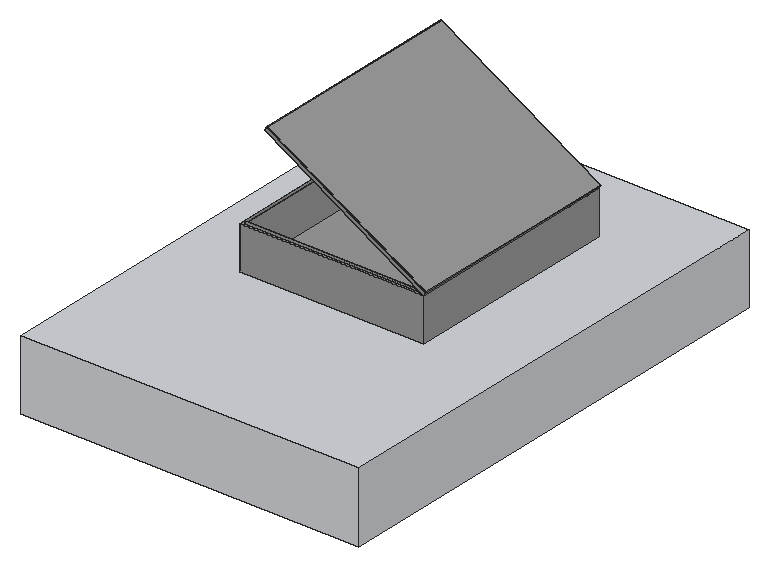
Revit family "Hager-Univers-IP54-D205-H950-Cl.II-Encl-PT-pt", category Equipement électrique, Revit 2020
Family settings
  Hôte = Face
  Configuration du panneau = Deux colonnes, circuits au sein
  Cote de connecteur circulaire = Utiliser le diamètre
  Type d'élément = Tableau de raccordement
  Couper avec des vides une fois chargée = Non
  Partagée = Non
  Point de calcul de pièce = Non
Parameters (values of type "Montagem em superfície (gesso) IP54 L800 A950 P205  - FP63SW2")
  Width Control [instance] = if([EF000008 - Largura] > Min Width, [EF000008 - Largura], Min Width)  # 800 mm
  Commentaires du type = [HG000003 - Gama]  # "Univers"
  Thickness Door [instance] = if([EF009171 - Espessura do material da porta/tampa] > 3 mm, 3 mm, [EF009171 - Espessura do material da porta/tampa])  # 1 mm
  Seal Frame Offset [instance] = 17 mm  # constant formula
  Plinth Visibility [instance] = [HG000027 - Altura da Plinta] > 0 mm  # no
  Model = ""
  Min Width [instance] = 100 mm  # constant formula
  Min Height [instance] = 100 mm  # constant formula
  Min Depth [instance] = (2 * [EF009170 - Espessura do material do invólucro]) + 1 mm  # 3 mm
  Internal Frame Depth [instance] = (Door System Depth * 0.5)  # 9 mm
  Height Control [instance] = if([EF000040 - Altura] > Min Height, [EF000040 - Altura], Min Height)  # 950 mm
  HG000027 - Altura da Plinta = 0 mm
  HG000026 - Instalação no chão = no
  HG000024 - Altura da secção inferior = 800 mm
  HG000023 - Recinto de secção dupla = no
  HG000016 - Visibilidade da porta 3D [instance] = yes
  HG000015 - Visibilidade através da porta [instance] = no
  HG000014 - Porta à direita [instance] = yes
  HG000013 - Porta à esquerda [instance] = not([HG000014 - Porta à direita])  # no
  HG000012 - Ângulo de abertura de porta [instance] = 30.00°
  HG000010 - Portas assimétricas = no
  HG000009 - Porta dupla = no
  HG000006 - Encastrado = no
  HG000004 - Referência do Fabricante = "FP63SW2"
  HG000003 - Gama = "Univers"
  HG000002 - Com porta ou tampa = yes
  Frame Offset Bottom [instance] = 10 mm  # constant formula
  Frame Offset [instance] = 15 mm  # constant formula
  EF015940 - Tampa com libertação de sobrepressão = no
  EF011959 - Grau de proteção (NEMA) = ""
  EF009554 - Número de aberturas para placas de flange = 6
  Fabricant = "Hager"  # constant formula
  EF009212 - Tipo de tampa = "EV000116 - Fechado"
  EF009171 - Espessura do material da porta/tampa = 1 mm
  EF009170 - Espessura do material do invólucro = 1 mm
  EF008873 - Corrente nominal (In) = 250 A
  EF007800 - Adequado para proteção contra raios = no
  EF006306 - Com fecho = no
  EF006244 - Tampa/porta transparente = no
  EF005474 - Grau de proteção (IP) = "EV006419 - IP54"
  EF004464 - Tipo de porta = "EV002646 - Único"
  EF004427 - Número de módulos = 216
  EF004293 - Força de impacto = "EV006815 - IK09"
  EF003532 - Adequado para uso no exterior = no
  EF002950 - Largura em número de módulos = 36
  EF001613 - Integridade do circuito = "EV000494 - Nenhum"
  EF001596 - Material do corpo = "EV000179 - Aço"
  EF001131 - Profundidade interior = 130 mm
  EF001088 - Extensão possível = yes
  EF000437 - Número de entradas de condutores = 6
  EF000339 - Tipo de difusor = "EV004216 - Porta"
  EF000266 - Número de linhas = 6
  EF000218 - Profundidade incorporada = 205 mm
  EF000118 - Com tampa de montagem = no
  EF000116 - Número RAL = "9010"
  EF000049 - Profundidade = 205 mm
  EF000040 - Altura = 950 mm
  EF000008 - Largura = 800 mm
  EF000007 - Cor = "EV000202 - Branco"
  EF000003 - Método de montagem = "EV000384 - Montagem em superfície (gesso)"
  Door System Leaf Tolerance [instance] = 1.5 mm  # constant formula
  Door System Depth [instance] = 18 mm  # constant formula
  Door Height [instance] = Height Control - [HG000027 - Altura da Plinta]  # 950 mm
  Depth Control [instance] = if([EF000049 - Profundidade] > Min Depth, [EF000049 - Profundidade], Min Depth)  # 205 mm
  Default Elevation = 0 mm
  Connector Offset [instance] = Height Control / 2  # 475 mm
  Bottom Top Plate Trim [instance] = 1.5 mm  # constant formula
  Plinth height Ctrl [instance] = if([HG000027 - Altura da Plinta] > 0 mm, [HG000027 - Altura da Plinta], 12 mm)  # 12 mm
Types (5, lengths in mm): name | Width Control | HG000010 - Portas assimétricas | HG000009 - Porta dupla | HG000004 - Referência do Fabricante | EF009554 - Número de aberturas para placas de flange | EF004464 - Tipo de porta | EF004427 - Número de módulos | EF002950 - Largura em número de módulos | EF000437 - Número de entradas de condutores | EF000008 - Largura
  Montagem em superfície (gesso) IP54 L1050 A950 P205  - FP64SW2 | 1050 | no | yes | "FP64SW2" | 8 | "EV003602 - Duplo" | 288 | 48 | 8 | 1050
  Montagem em superfície (gesso) IP54 L1300 A950 P205  - FP65SW2 | 1300 | yes | yes | "FP65SW2" | 10 | "EV003602 - Duplo" | 360 | 60 | 10 | 1300
  Montagem em superfície (gesso) IP54 L300 A950 P205  - FP61SW2 | 300 | no | no | "FP61SW2" | 2 | "EV002646 - Único" | 72 | 12 | 2 | 300
  Montagem em superfície (gesso) IP54 L550 A950 P205  - FP62SW2 | 550 | no | no | "FP62SW2" | 4 | "EV002646 - Único" | 144 | 24 | 4 | 550
  Montagem em superfície (gesso) IP54 L800 A950 P205  - FP63SW2 | 800 | no | no | "FP63SW2" | 6 | "EV002646 - Único" | 216 | 36 | 6 | 800
Reference planes
  plane 1 "Center (Front/Back)": y = 0
  plane 2: z = 0
  plane 3 "Center (Left/Right)": x = 0
  plane 4: z = 205
  plane 5: y = 1
  plane 6: y = 475
  plane 7: y = 0
  plane 8: y = 950
  plane 9: z = 0
  plane 10: x = -385
  plane 11: x = 385
  plane 12: x = 384
  plane 13: x = -384
  plane 14: y = 949
  plane 15: x = -383
  plane 16: x = -400
  plane 17: x = 383
  plane 18: x = 400
  plane 19: x = 399
  plane 20: x = -399
  plane 21: y = 11
  plane 22: y = 950
  plane 23: y = 934
  plane 24: z = 187
  plane 25: z = 1
  plane 26: z = 186
  plane 27: z = 204
Forms (mm)
  Extrusion 1, solid
    sketch origin (0, 0, 0) x (1, 0, 0) y (0, 1, 0)
      loop
        line (-702.964, 1305) -> (-702.964, -811.445) -> (766.763, -811.445) -> (766.763, 1305) -> (-702.964, 1305)
    from 0 to -304.8
  Extrusion 2, solid, material "Hager_Steel_RAL7035_Light_Grey", visible <- "Plinth Visibility", detail levels medium+fine
    sketch origin (0, 0, 0) x (1, 0, 0) y (0, 1, 0)
      loop
        line (-400, 0) -> (400, 0) -> (400, 12) -> (-400, 12) -> (-400, 0)
    from 0 to 187
  Extrusion 3, solid, material "Hager_Steel_RAL7035_Light_Grey", detail levels medium+fine
    sketch origin (0, 0, 0) x (1, 0, 0) y (0, 1, 0)
      loop
        line (-400, 0) -> (400, 0) -> (400, 950) -> (-400, 950) -> (-400, 0)
    from 0 to 187
  Extrusion 4, void
    sketch origin (0, 0, 0) x (1, 0, 0) y (0, 1, 0)
      loop
        line (-399, 1) -> (399, 1) -> (399, 949) -> (-399, 949) -> (-399, 1)
    from 1 to 186
  Extrusion 5, void
    sketch origin (-381.607, -4572, 187) x (0, -1, 0) y (-1, 0, 0)
      loop
        line (-4583, 2.393) -> (-5506, 2.393) -> (-5506, -765.607) -> (-4583, -765.607) -> (-4583, 2.393)
    from 0 to 1 <- "EF009170 - Espessura do material do invólucro"
  Extrusion 6, solid, material "Hager_Steel_RAL7035_Light_Grey", detail levels fine
    sketch origin (0, 0, 187) x (1, 0, 0) y (0, 1, 0)
      loop
        line (-384, 934) -> (-384, 11) -> (384, 11) -> (384, 934) -> (-384, 934)
      loop
        line (-385, 10) -> (385, 10) -> (385, 935) -> (-385, 935) -> (-385, 10)
    from 0 to 9 <- "Internal Frame Depth"
  Extrusion 7, solid, material "Hager_Steel_RAL7035_Light_Grey", detail levels coarse
    sketch origin (0, 0, 0) x (1, 0, 0) y (0, 1, 0)
      loop
        line (-400, 0) -> (400, 0) -> (400, 950) -> (-400, 950) -> (-400, 0)
    from 0 to 205
  Sweep 8, void
    path in 3D
      loop
        line (-400, 12, 0) -> (400, 12, 0) -> (400, 12, 187) -> (-400, 12, 187) -> (-400, 12, 0)
    profile origin (-400, 12, 93.5) x (-1, 0, 0) y (0, -1, 0)
      loop
        line (0, 0) -> (0, 1.5) -> (-1.5, 1.5)
        arc (-1.5, 1.5) -> (-1.061, 0.439) -> (0, 0) r 1.5
Cuts and joins
  Extrusion 4, Extrusion 5 cuts Extrusion 3
  Sweep 8 cuts Extrusion 2
Lines and regions (mm)
  Masking region 1
    outline origin (0, 0, 0) x (1, 0, 0) y (0, 0, 1)
      loop
        line (-400, 205) -> (-400, 0) -> (400, 0) -> (400, 205) -> (-400, 205)
  Masking region 2, detail levels medium+fine
    outline origin (0, 140, 0) x (0, 1, 0) y (0, 0, 1)
      loop
        line (-140, 0) -> (810, 0) -> (810, 187) -> (-140, 187) -> (-140, 0)
  Masking region 3, not visible, detail levels medium+fine
    outline origin (0, 297.922, 0) x (0, 1, 0) y (0, 0, 1)
      loop
        line (188.578, 0) -> (228.578, 0) -> (228.578, 194)
        arc (228.578, 194) -> (225.649, 201.071) -> (218.578, 204) r 10
        line (218.578, 204) -> (188.578, 204) -> (188.578, 0)
  Masking region 4, detail levels coarse
    outline origin (0, 0, 180) x (0, 1, 0) y (0, 0, 1)
      loop
        line (0, -180) -> (950, -180) -> (950, 25) -> (0, 25) -> (0, -180)
  Masking region 5, visible <- "Plinth Visibility", detail levels medium+fine
    outline origin (0, 52.24, 12.345) x (0, 0, -1) y (0, 1, 0)
      loop
        line (10.845, -40.24) -> (-173.155, -40.24)
        arc (-173.155, -40.24) -> (-173.594, -41.301) -> (-174.655, -41.74) r 1.5
        line (-174.655, -41.74) -> (-174.655, -52.24) -> (12.345, -52.24) -> (12.345, -41.74)
        arc (12.345, -41.74) -> (11.285, -41.301) -> (10.845, -40.24) r 1.5
  Masking region 6, detail levels medium+fine
    outline origin (-381.607, -4572, 187) x (-1, 0, 0) y (0, -1, 0)
      loop
        line (18.393, -5522) -> (18.393, -4572) -> (-781.607, -4572) -> (-781.607, -5522) -> (18.393, -5522)
  Masking region 7, visible <- "Plinth Visibility", detail levels medium+fine
    outline origin (-381.607, -4727, 187) x (-1, 0, 0) y (0, -1, 0)
      loop
        arc (16.893, -4739) -> (17.332, -4737.939) -> (18.393, -4737.5) r 1.5
        line (18.393, -4737.5) -> (18.393, -4727) -> (-781.607, -4727) -> (-781.607, -4737.5)
        arc (-781.607, -4737.5) -> (-780.546, -4737.939) -> (-780.107, -4739) r 1.5
        line (-780.107, -4739) -> (16.893, -4739)
  Masking region 8, detail levels coarse
    outline origin (-442.548, -4669.526, 187) x (-1, 0, 0) y (0, -1, 0)
      loop
        line (-42.548, -5619.526) -> (-42.548, -4669.526) -> (-842.548, -4669.526) -> (-842.548, -5619.526) -> (-42.548, -5619.526)
  sketch lines
    curve 1: line (-400, 12, 187) -> (-400, 12, 0)
    curve 2: line (400, 12, 187) -> (-400, 12, 187)
    curve 3: line (400, 12, 187) -> (400, 12, 0)
    curve 4: line (-400, 12, 0) -> (400, 12, 0)
Dimensions and locks
  "Depth Control": plane 4 to Extrusion 1
  "HG000027 - Altura da Plinta": plane 1 "Center (Front/Back)" to plane 7
  "EF009170 - Espessura do material do invólucro": plane 5 to plane 7
  locked: connector elem to plane 3 "Center (Left/Right)"
  equal spacing: plane 8, plane 6, plane 7
  locked: connector elem to plane 6
  "EF009170 - Espessura do material do invólucro": plane 8 to plane 14
  "EF009170 - Espessura do material do invólucro": plane 10 to plane 13
  "EF009170 - Espessura do material do invólucro": plane 12 to plane 11
  "Frame Offset": plane 20 to plane 13
  "Frame Offset": plane 12 to plane 19
  "EF009170 - Espessura do material do invólucro": plane 16 to plane 20
  "EF009170 - Espessura do material do invólucro": plane 19 to plane 18
  "Seal Frame Offset": plane 16 to plane 15
  "Seal Frame Offset": plane 17 to plane 18
  "Frame Offset Bottom": plane 21 to plane 5
  "Frame Offset": plane 14 to plane 23
  equal spacing: plane 16, plane 3 "Center (Left/Right)", plane 18
  "Width Control": plane 16 to plane 18
  "EF009170 - Espessura do material do invólucro": plane 4 to plane 27
  "EF009170 - Espessura do material do invólucro": plane 24 to plane 26
  "EF009170 - Espessura do material do invólucro": plane 25 to level
  "Door System Depth": plane 4 to plane 24
  "Height Control": plane 1 "Center (Front/Back)" to Extrusion 7 sketch curve
  "Height Control": Masking region 4 sketch curve to plane 1 "Center (Front/Back)"
  "Height Control": plane 1 "Center (Front/Back)" to plane 22
  "Bottom Top Plate Trim": profile plane to Sweep 8 sketch curve
  "Bottom Top Plate Trim": Sweep 8 sketch curve to profile plane
  "Plinth height Ctrl": plane 1 "Center (Front/Back)" to Extrusion 2 sketch curve
  "Plinth height Ctrl": Masking region 5 sketch curve to plane 1 "Center (Front/Back)"
  "Plinth height Ctrl": plane 1 "Center (Front/Back)" to Masking region 7 sketch curve
  "Thickness Door": Extrusion 6 sketch curve to Extrusion 6 sketch curve  (x3)
  "Thickness Door": cut or joined group of Extrusion 3, Extrusion 4, Extrusion 5 to Extrusion 6 sketch curve
  radius of Masking region 3 sketch curve = 10 mm
  "Bottom Top Plate Trim": radius of Masking region 5 sketch curve  (x2)
  "Bottom Top Plate Trim": radius of Sweep 8 sketch curve
  "Bottom Top Plate Trim": radius of Masking region 7 sketch curve  (x2)
  aligned and locked: plane 2 to Extrusion 1
  aligned and locked: level to Extrusion 1
  aligned and locked: level to Masking region 1 sketch curve
  aligned and locked: Masking region 1 sketch curve to plane 18
  aligned and locked: Masking region 1 sketch curve to plane 16
  aligned and locked: plane 7 to Masking region 2 sketch curve
  aligned and locked: level to Masking region 3 sketch curve
  aligned and locked: Masking region 3 sketch curve to plane 27
  aligned and locked: level to Masking region 2 sketch curve
  aligned and locked: plane 1 "Center (Front/Back)" to Extrusion 2 sketch curve
  aligned and locked: Extrusion 3 sketch curve to plane 7
  aligned and locked: plane 16 to Extrusion 3 sketch curve
  aligned and locked: plane 18 to Extrusion 3 sketch curve
  aligned and locked: plane 20 to Extrusion 4 sketch curve
  aligned and locked: plane 19 to Extrusion 4 sketch curve
  aligned and locked: Extrusion 4 sketch curve to plane 5
  aligned and locked: Extrusion 4 to plane 25
  aligned and locked: plane 26 to Extrusion 4
  aligned and locked: plane 24 to Extrusion 3
  aligned and locked: Extrusion 5 sketch curve to plane 21
  aligned and locked: Extrusion 5 sketch curve to plane 13
  aligned and locked: Extrusion 5 sketch curve to plane 12
  aligned and locked: plane 18 to Extrusion 7 sketch curve
  aligned and locked: plane 1 "Center (Front/Back)" to Extrusion 7 sketch curve
  aligned and locked: plane 16 to Extrusion 7 sketch curve
  aligned and locked: plane 4 to Extrusion 7
  aligned and locked: Extrusion 7 to level
  aligned and locked: level to Masking region 4 sketch curve
  aligned and locked: Masking region 4 sketch curve to plane 1 "Center (Front/Back)"
  aligned and locked: Masking region 4 sketch curve to plane 4
  aligned and locked: nested 1 to level
  aligned and locked: nested 1 to plane 16
  aligned and locked: plane 8 to Extrusion 3 sketch curve
  aligned and locked: plane 23 to Extrusion 5 sketch curve
  aligned and locked: plane 14 to Extrusion 4 sketch curve
  aligned and locked: Masking region 2 sketch curve to plane 8
  aligned and locked: level to Masking region 5 sketch curve
  aligned and locked: plane 16 to Extrusion 2 sketch curve
  aligned and locked: plane 18 to Extrusion 2 sketch curve
  aligned and locked: Masking region 5 sketch curve to plane 24
  aligned and locked: Masking region 2 sketch curve to plane 24
  aligned and locked: plane 24 to Extrusion 2
  aligned and locked: profile plane to Sweep 8 sketch curve  (x2)
  aligned and locked: Masking region 6 sketch curve to plane 18
  aligned and locked: Masking region 6 sketch curve to plane 22
  aligned and locked: Masking region 6 sketch curve to plane 16
  aligned and locked: plane 8 to plane 22
  aligned and locked: Masking region 6 sketch curve to plane 7
  aligned and locked: Masking region 7 sketch curve to plane 16
  aligned and locked: Masking region 7 sketch curve to plane 1 "Center (Front/Back)"
  aligned and locked: Masking region 7 sketch curve to plane 18
  aligned and locked: Masking region 8 sketch curve to plane 1 "Center (Front/Back)"
  aligned and locked: Masking region 8 sketch curve to plane 18
  aligned and locked: Masking region 8 sketch curve to plane 22
  aligned and locked: Masking region 8 sketch curve to plane 16
  aligned and locked: nested 2 to plane 7
  aligned and locked: plane 3 "Center (Left/Right)" to nested 2
  aligned and locked: nested 2 to plane 24
  aligned and locked: Extrusion 6 sketch curve to cut or joined group of Extrusion 3, Extrusion 4, Extrusion 5  (x4)
Automatic sketch dimensions
  Extrusion 1 sketch curve to Extrusion 1 sketch curve = 1469.727 mm
  Extrusion 1 sketch curve to Extrusion 1 sketch curve = 2116.445 mm
  Masking region 1 sketch curve to plane 4 = 0 mm
  plane 6 to Masking region 3 sketch curve = 11.5 mm
  Masking region 3 sketch curve to Masking region 3 sketch curve = 30 mm
  Masking region 5 sketch curve to plane 1 "Center (Front/Back)" = 0 mm
Nested families
  nested 1: "Hager_Enclosure_Symbol" at (-400, 0, 0) x (1, 0, 0) z (0, -1, 0), Height <- "Depth Control", Width <- "Width Control", type "Hager_Enclosure_Symbol"
    with Width_Ctrl 800 mm, Width 800 mm, Height_Ctrl 205 mm, Height 205 mm, A_Width_Int 13.453 mm, A_Width 161.438 mm, A_Height_Ctrl 179.375 mm, A_Height 179.375 mm
  nested 2: "EC000058_Univers_Door" at (0, 0, 187) x (1, 0, 0) z (0, 1, 0), Leaf_Tolerance <- "Door System Leaf Tolerance", Angle <- "HG000012 - Ângulo de abertura de porta", Door_Depth <- "Door System Depth", Door_Left <- "HG000013 - Porta à esquerda", Transparent <- "EF006244 - Tampa/porta transparente", Assymetrical <- "HG000010 - Portas assimétricas", Width <- "Width Control", Clearance <- "HG000015 - Visibilidade através da porta", Double <- "HG000009 - Porta dupla", 3d_Door <- "HG000016 - Visibilidade da porta 3D", Lock_Visibility <- "EF006306 - Com fecho", Width_Ctrl <- "Width Control", Door_Right <- "HG000014 - Porta à direita", Door <- "HG000002 - Com porta ou tampa", Height <- "Door Height", Thickness <- "Thickness Door", type "EC000058_Univers_Door", detail levels medium+fine
    with min_wh 3 mm, Width_Ctrl 800 mm, Width 800 mm, Transparent no, Thickness 1 mm, Seal_Material Hager_Rubber, Lock_Visibility no, Lock_Material Hager_Plastic_RAL9005_Jet_Black, Leaf_Width 800 mm, Leaf_Tolerance_External_Sides 0 mm, Leaf_Tolerance 1.5 mm, Leaf_Offset 0 mm, Leaf_Height 947 mm, Leaf_2_Width 800 mm, Leaf_2_Offset 400 mm, Leaf_1_Width 800 mm, Leaf_1_Offset 400 mm, Height_Ctrl 950 mm, Height 950 mm, Glass_Material Hager_Glass, Double_Clearance_Ctrl no, Double no, Door_Right_Ctrl yes, Door_Right yes, Door_Material Hager_Steel_RAL7035_Light_Grey, Door_Left_Ctrl no, Door_Left no, Door_Depth 18 mm, Door yes, Clearance_Material Hager_Clearance, Clearance_Depth 800 mm, Clearance_Ctrl no, Clearance no, Assymetrical no, Angle 30.00°, 3d_Door yes
Connectors
  electrical at (0, 475, 0)
    settings: on plane 9, index 1, voltage 0 V, apparent load 0 VA, apparent load phase1 0 VA, apparent load phase2 0 VA, apparent load phase3 0 VA, power factor 1, load classification "Other", number of poles 1, system type 30, power factor state 1, is connector primary yes, connector utility no, sub classification motor no, connector description ""
Definition of nested family "EC000058_Univers_Door"
  Parameters (values of type "EC000058_Univers_Door")
    min_wh [instance] = (2 * Thickness) + 1 mm  # 11 mm
    Width_Ctrl [instance] = 400 mm
    Width [instance] = 500 mm
    Transparent [instance] = yes
    Thickness [instance] = 5 mm
    Seal_Material [instance] = none
    Lock_Visibility [instance] = yes
    Lock_Material [instance] = none
    Leaf_Width [instance] = if((Width_Ctrl - 2 * Leaf_Tolerance_External_Sides) > 0 mm, (Width_Ctrl - 2 * Leaf_Tolerance_External_Sides), min_wh)  # 400 mm
    Leaf_Tolerance_External_Sides [instance] = 0 mm  # constant formula
    Leaf_Tolerance [instance] = 1.5 mm
    Leaf_Offset [instance] = 0 mm  # constant formula
    Leaf_Height [instance] = if((Height_Ctrl - 2 * Leaf_Tolerance) > 0 mm, (Height_Ctrl - 2 * Leaf_Tolerance), min_wh)  # 497 mm
    Leaf_2_Width [instance] = if(and(and(Double, Assymetrical), Door_Left), (Leaf_Width / 3) - (Leaf_Tolerance / 2), if(and(and(Double, Assymetrical), Door_Right), (Leaf_Width / 3) * 2 - (Leaf_Tolerance / 2), if(and(Double, not(Assymetrical)), (Leaf_Width / 2) - Leaf_Tolerance, Leaf_Width)))  # 400 mm
    Leaf_2_Offset [instance] = if(and(Double, Assymetrical), Leaf_2_Width / 2, if(and(Double, not(Assymetrical)), Leaf_Width / 4, Leaf_Width / 2))  # 200 mm
    Leaf_1_Width [instance] = if(and(and(Double, Assymetrical), Door_Right), (Leaf_Width / 3) - (Leaf_Tolerance / 2), if(and(and(Double, Assymetrical), Door_Left), (Width / 3) * 2 - (Leaf_Tolerance / 2), if(and(Double, not(Assymetrical)), (Leaf_Width / 2) - Leaf_Tolerance, Leaf_Width)))  # 400 mm
    Leaf_1_Offset [instance] = if(and(Double, Assymetrical), Leaf_1_Width / 2, if(and(Double, not(Assymetrical)), Leaf_Width / 4, Leaf_Width / 2))  # 200 mm
    Height_Ctrl [instance] = if(Height > min_wh, Height, min_wh)  # 500 mm
    Height [instance] = 500 mm
    Glass_Material [instance] = none
    Double_Clearance_Ctrl [instance] = and(Double, Clearance)  # no
    Double [instance] = no
    Door_Right_Ctrl [instance] = and(or(Door_Right, Double), Door)  # yes
    Door_Right [instance] = yes
    Door_Material [instance] = none
    Door_Left_Ctrl [instance] = and(or(Door_Left, Double), Door)  # no
    Door_Left [instance] = no
    Door_Depth [instance] = 30 mm
    Door [instance] = yes
    Default Elevation = 1219.2 mm
    Clearance_Material [instance] = none
    Clearance_Depth [instance] = if(Leaf_1_Width > Leaf_2_Width, Leaf_1_Width, Leaf_2_Width)  # 400 mm
    Clearance_Ctrl [instance] = and(not(Double), Clearance)  # yes
    Clearance [instance] = yes
    Assymetrical [instance] = yes
    Angle [instance] = 30.00°
    3d_Door [instance] = yes
  Reference planes
    plane 1 "Center (Front/Back)": y = 0
    plane 2 "Bottom": z = 0
    plane 3 "Center (Left/Right)": x = 0
    plane 4: z = 500
    plane 5: x = -200
    plane 6: x = 200
    plane 7: z = 500
    plane 8: x = -200
    plane 9: z = 0
    plane 10: x = 200
    plane 11: y = 0
    plane 12: z = 1.5
    plane 13: x = -600
    plane 14: y = -400
    plane 15: x = 600
    plane 16: x = 0
    plane 17: x = 0
    plane 18: x = -200
    plane 19: x = 200
    plane 20: z = 498.5
  Forms (mm)
    Extrusion 1, solid, material <- "Clearance_Material", visible <- "Double_Clearance_Ctrl"
      sketch origin (1200, 0, 0) x (1, 0, 0) y (0, 0, -1)
        loop
          line (-1800, -498.5) -> (-600, -498.5) -> (-600, 0) -> (-1800, 0) -> (-1800, -498.5)
      from 0 to -400
  Dimensions and locks
    equal spacing: plane 5, plane 3 "Center (Left/Right)", plane 6
    "Width_Ctrl": plane 5 to plane 6
    "Leaf_Offset": plane 5 to plane 8
    "Leaf_Offset": plane 6 to plane 10
    "Leaf_Offset": plane 9 to level
    "Leaf_Offset": plane 4 to plane 7
    "Height_Ctrl": plane 4 to level
    "Leaf_Tolerance": plane 12 to plane 9
    locked: plane 11 to plane 1 "Center (Front/Back)"
    "Leaf_1_Offset": plane 18 to plane 16
    "Leaf_2_Offset": plane 17 to plane 19
    "Leaf_1_Width": plane 13 to plane 8
    "Leaf_2_Width": plane 10 to plane 15
    "Clearance_Depth": plane 14 to plane 1 "Center (Front/Back)"
    "Leaf_Tolerance_External_Sides": plane 8 to plane 18
    "Leaf_Tolerance_External_Sides": plane 19 to plane 10
    "Leaf_Tolerance": plane 7 to plane 20
    aligned and locked: level to plane 2 "Bottom"
    aligned and locked: nested 1 to plane 16
    aligned and locked: nested 2 to plane 17
    aligned and locked: Extrusion 1 to plane 13
    aligned and locked: plane 15 to Extrusion 1
    aligned and locked: Extrusion 1 to plane 14
    aligned and locked: plane 12 to nested 1
    aligned and locked: nested 2 to plane 12
    aligned and locked: Extrusion 1 to plane 11
    aligned and locked: plane 20 to Extrusion 1
    aligned and locked: nested 2 to plane 11
    aligned and locked: nested 1 to plane 11
  Automatic sketch dimensions
    Extrusion 1 sketch curve to level = 0 mm
    plane 5 to Extrusion 1 sketch curve = 400 mm
    plane 6 to Extrusion 1 sketch curve = 400 mm
    Extrusion 1 sketch curve to plane 4 = 1.5 mm
  Nested families
    nested 1: "EC000058_Univers_Door_Leaf" at (0, 0, 1.5), Width <- "Leaf_1_Width", visible <- "Door_Left_Ctrl", Leaf_Height <- "Leaf_Height", Angle <- "Angle", 3d_Door <- "3d_Door", Transparent <- "Transparent", Clearance Material <- "Clearance_Material", Clearance <- "Clearance_Ctrl", Door_Material <- "Door_Material", Glass_Material <- "Glass_Material", Door_Depth <- "Door_Depth", Lock_Material <- "Lock_Material", Seal_Material <- "Seal_Material", Lock_Visibility <- "Lock_Visibility", Thickness <- "Thickness", type "EC000058_Univers_Door_Leaf"
      with Width 400 mm, Transparent_Glass_Offset 30 mm, Transparent_Ctrl yes, Transparent yes, Thickness 5 mm, Standard no, Seal_Material none, Seal_D2 8 mm, Seal_D1 1 mm, Offset_Internal_Frame 10 mm, Lock_Width 20 mm, Lock_Visibility_3d yes, Lock_Visibility yes, Lock_Thickness_3 3 mm, Lock_Thickness_2 1 mm, Lock_Thickness_1 3 mm, Lock_Radius_Offset_2 16 mm, Lock_Radius_Offset_1 15 mm, Lock_Radius_2 5 mm, Lock_Radius 6 mm, Lock_Offset 5 mm, Lock_Material none, Lock_Height 80 mm, Lock_Cover_Top_Offset_2d 17 mm, Lock_Cover_Height -65 mm, Leaf_Height 497 mm, Internal_Seal_Thickness 8 mm, Internal_Seal_Depth_2 4.5 mm, Internal_Frame_Depth 25 mm, Glass_Thickness -1 mm, Glass_Offset -2 mm, Glass_Material none, Door_Material none, Door_Depth 30 mm, Clearance Material none, Clearance yes, Angle_Ctrl 30.00°, Angle 30.00°, 3d_Door yes
    nested 2: "EC000058_Univers_Door_Leaf" at (0, 0, 1.5) x (-1, 0, 0) z (0, 0, 1), Width <- "Leaf_2_Width", visible <- "Door_Right_Ctrl", Leaf_Height <- "Leaf_Height", Angle <- "Angle", 3d_Door <- "3d_Door", Transparent <- "Transparent", Clearance Material <- "Clearance_Material", Clearance <- "Clearance_Ctrl", Door_Material <- "Door_Material", Glass_Material <- "Glass_Material", Door_Depth <- "Door_Depth", Lock_Material <- "Lock_Material", Seal_Material <- "Seal_Material", Lock_Visibility <- "Lock_Visibility", Thickness <- "Thickness", type "EC000058_Univers_Door_Leaf"
      with Width 400 mm, Transparent_Glass_Offset 30 mm, Transparent_Ctrl yes, Transparent yes, Thickness 5 mm, Standard no, Seal_Material none, Seal_D2 8 mm, Seal_D1 1 mm, Offset_Internal_Frame 10 mm, Lock_Width 20 mm, Lock_Visibility_3d yes, Lock_Visibility yes, Lock_Thickness_3 3 mm, Lock_Thickness_2 1 mm, Lock_Thickness_1 3 mm, Lock_Radius_Offset_2 16 mm, Lock_Radius_Offset_1 15 mm, Lock_Radius_2 5 mm, Lock_Radius 6 mm, Lock_Offset 5 mm, Lock_Material none, Lock_Height 80 mm, Lock_Cover_Top_Offset_2d 17 mm, Lock_Cover_Height -65 mm, Leaf_Height 497 mm, Internal_Seal_Thickness 8 mm, Internal_Seal_Depth_2 4.5 mm, Internal_Frame_Depth 25 mm, Glass_Thickness -1 mm, Glass_Offset -2 mm, Glass_Material none, Door_Material none, Door_Depth 30 mm, Clearance Material none, Clearance yes, Angle_Ctrl 30.00°, Angle 30.00°, 3d_Door yes
  Definition of nested family "EC000058_Univers_Door_Leaf"
    Parameters (values of type "EC000058_Univers_Door_Leaf")
      Width [instance] = 2000 mm
      Transparent_Glass_Offset [instance] = 30 mm
      Transparent_Ctrl [instance] = and(Transparent, [3d_Door])  # yes
      Transparent [instance] = yes
      Thickness [instance] = 5 mm
      Standard [instance] = and(not(Transparent), [3d_Door])  # no
      Seal_Material [instance] = none
      Seal_D2 [instance] = 8 mm  # constant formula
      Seal_D1 [instance] = 1 mm  # constant formula
      Offset_Internal_Frame [instance] = 10 mm  # constant formula
      Lock_Width [instance] = 20 mm  # constant formula
      Lock_Visibility_3d [instance] = and(Lock_Visibility, [3d_Door])  # yes
      Lock_Visibility [instance] = yes
      Lock_Thickness_3 [instance] = 3 mm  # constant formula
      Lock_Thickness_2 [instance] = 1 mm  # constant formula
      Lock_Thickness_1 [instance] = 3 mm  # constant formula
      Lock_Radius_Offset_2 [instance] = Lock_Radius_Offset_1 + 1 mm  # 16 mm
      Lock_Radius_Offset_1 [instance] = 15 mm  # constant formula
      Lock_Radius_2 [instance] = Lock_Radius - 1 mm  # 5 mm
      Lock_Radius [instance] = 6 mm  # constant formula
      Lock_Offset [instance] = 5 mm  # constant formula
      Lock_Material [instance] = none
      Lock_Height [instance] = 80 mm  # constant formula
      Lock_Cover_Top_Offset_2d [instance] = Lock_Radius_Offset_2 + 1 mm  # 17 mm
      Lock_Cover_Height [instance] = -(Lock_Height - Lock_Radius_Offset_1)  # -65 mm
      Leaf_Height [instance] = 2720.336 mm
      Internal_Seal_Thickness [instance] = 8 mm  # constant formula
      Internal_Seal_Depth_2 [instance] = 4.5 mm  # constant formula
      Internal_Frame_Depth [instance] = if(Door_Depth - Thickness > 5 mm, Door_Depth - Thickness, 5 mm)  # 25 mm
      Glass_Thickness [instance] = if(Thickness > 15 mm, Glass_Offset + 10 mm, -1 mm)  # -1 mm
      Glass_Offset [instance] = if(Thickness > 15 mm, -(Thickness + 10 mm) / 2, -2 mm)  # -2 mm
      Glass_Material [instance] = none
      Door_Material [instance] = none
      Door_Depth [instance] = 30 mm
      Default Elevation = 0 mm
      Clearance Material [instance] = none
      Clearance [instance] = yes
      Angle_Ctrl [instance] = if(Angle > 180.00°, 180.00°, Angle)  # 90.00°
      Angle [instance] = 90.00°
      3d_Door [instance] = yes
    Reference planes
      plane 1 "Center (Front/Back)": y = 0
      plane 2: z = 0
      plane 3 "Center (Left/Right)": x = 0
      plane 4: y = 2000
      plane 5: x = -1000
      plane 6: x = 1000
      plane 7: x = -3000
      plane 8: z = 2720.336
      plane 9: z = 30
      plane 10: z = 2690.336
      plane 11: x = 970
      plane 12: x = -970
      plane 13: y = -3
      plane 14: z = 107.833
      plane 15: y = -5
      plane 16: y = -223.314
      plane 17: x = -1000
      plane 18: z = 1360.168
      plane 19: y = 30
    Forms (mm)
      Extrusion 1, solid, material <- "Clearance Material", visible <- "Clearance"
        sketch origin (0, 0, 0) x (1, 0, 0) y (0, 0, 1)
          loop
            line (-3000, 2720.336) -> (-3000, 0) -> (1000, 0) -> (1000, 2720.336) -> (-3000, 2720.336)
        from 0 to -2000
      Extrusion 2, solid, material <- "Door_Material", visible <- "Standard", detail levels medium+fine
        sketch origin (-1000, 0, 0) x (0, 1, 0) y (-1, 0, 0)
          loop
            line (0, 30) -> (0, 25) -> (2000, 25) -> (2000, 30) -> (0, 30)
        from 0 to 2720.336 <- "Leaf_Height"
      Extrusion 3, solid, material <- "Door_Material", visible <- "Transparent_Ctrl", detail levels medium+fine
        sketch origin (-1000, 0, 0) x (0, 1, 0) y (-1, 0, 0)
          loop
            line (0, 25) -> (2000, 25) -> (2000, 30) -> (0, 30) -> (0, 25)
        from 0 to 2720.336 <- "Leaf_Height"
      Extrusion 4, void
        sketch origin (-1025, 2000, 0) x (0, 1, 0) y (0, 0, -1)
          loop
            line (-30, -2690.336) -> (-30, -30) -> (-1970, -30) -> (-1970, -2690.336) -> (-30, -2690.336)
        from 0 to 5 <- "Thickness"
      Sweep 5, solid, material <- "Seal_Material", visible <- "Transparent_Ctrl", detail levels fine
        path in 3D
          loop
            line (-1025, 30, 30) -> (-1025, 30, 2690.336) -> (-1025, 1970, 2690.336) -> (-1025, 1970, 30) -> (-1025, 30, 30)
        profile origin (-1025, 1000, 30) x (1, 0, 0) y (0, 0, 1)
          loop
            line (0, 0) -> (0, -8) -> (1, -8) -> (1, 0) -> (0, 0)
      Extrusion 6, solid, material <- "Glass_Material", visible <- "Transparent_Ctrl", detail levels medium+fine
        sketch origin (-1030, 0, 0) x (0, 1, 0) y (0, 0, -1)
          loop
            line (1970, -2690.336) -> (1970, -30) -> (30, -30) -> (30, -2690.336) -> (1970, -2690.336)
        from -2 <- "Glass_Offset" to -1 <- "Glass_Thickness"
      Extrusion 7, solid, material <- "Door_Material", visible <- "3d_Door", detail levels medium+fine
        sketch origin (-1025, 2000, 0) x (0, -1, 0) y (0, 0, -1)
          loop
            line (0, -2720.336) -> (2000, -2720.336) -> (2000, 0) -> (0, 0) -> (0, -2720.336)
          loop
            line (1995, -5) -> (5, -5) -> (5, -2715.336) -> (1995, -2715.336) -> (1995, -5)
        from 0 to 25 <- "Internal_Frame_Depth"
      Sweep 8, solid, material <- "Seal_Material", visible <- "Transparent_Ctrl", detail levels fine
        path in 3D
          loop
            line (-1025, 0, 0) -> (-1025, 2000, 0) -> (-1025, 2000, 2720.336) -> (-1025, 0, 2720.336) -> (-1025, 0, 0)
        profile origin (-1025, 0, 1360.168) x (1, 0, 0) y (0, 1, 0)
          loop
            line (0, 10) -> (2.975, 10)
            arc (2.975, 10) -> (4.053, 10.447) -> (4.5, 11.525) r 1.525
            line (4.5, 11.525) -> (4.5, 16.527)
            arc (4.5, 16.527) -> (4.069, 17.569) -> (3.027, 18) r 1.473
            line (3.027, 18) -> (0, 18) -> (0, 10)
      Extrusion 9, solid, material <- "Lock_Material", visible <- "Lock_Visibility_3d", detail levels fine
        sketch origin (-1030, 0, 0) x (0, 1, 0) y (0, 0, -1)
          loop
            arc (1993.5, -1400.168) -> (1994.561, -1399.729) -> (1995, -1398.668) r 1.5
            line (1995, -1398.668) -> (1995, -1320.168) -> (1975, -1320.168) -> (1975, -1398.668)
            arc (1975, -1398.668) -> (1975.439, -1399.729) -> (1976.5, -1400.168) r 1.5
            line (1976.5, -1400.168) -> (1993.5, -1400.168)
        from 3 <- "Lock_Thickness_1" to 0
      Blend 10, solid, material <- "Lock_Material", visible <- "Lock_Visibility_3d", detail levels fine
        base sketch origin (-1033, 0, 0) x (0, 1, 0) y (0, 0, -1)
          loop
            line (1975, -1320.168) -> (1975, -1398.668)
            arc (1975, -1398.668) -> (1975.439, -1399.729) -> (1976.5, -1400.168) r 1.5
            line (1976.5, -1400.168) -> (1993.5, -1400.168)
            arc (1993.5, -1400.168) -> (1994.561, -1399.729) -> (1995, -1398.668) r 1.5
            line (1995, -1398.668) -> (1995, -1320.168) -> (1975, -1320.168)
        top sketch origin (-1033, 0, 0) x (0, 1, 0) y (0, 0, -1)
          loop
            line (1976, -1320.168) -> (1976, -1398.668)
            arc (1976, -1398.668) -> (1976.146, -1399.022) -> (1976.5, -1399.168) r 0.5
            line (1976.5, -1399.168) -> (1993.5, -1399.168)
            arc (1993.5, -1399.168) -> (1993.854, -1399.022) -> (1994, -1398.668) r 0.5
            line (1994, -1398.668) -> (1994, -1320.168) -> (1976, -1320.168)
        from 0 to 1 <- "Lock_Thickness_2"
      Blend 11, solid, material <- "Lock_Material", visible <- "Lock_Visibility_3d", detail levels fine
        base sketch origin (-1034, 0, 0) x (0, 1, 0) y (0, 0, -1)
          loop
            line (1978, -1320.168) -> (1978, -1384.168)
            arc (1978, -1384.168) -> (1985, -1391.168) -> (1992, -1384.168) r 7
            line (1992, -1384.168) -> (1992, -1320.168) -> (1978, -1320.168)
        top sketch origin (-1034, 0, 0) x (0, 1, 0) y (0, 0, -1)
          loop
            line (1991, -1320.168) -> (1979, -1320.168) -> (1979, -1383.168)
            arc (1979, -1383.168) -> (1985, -1389.168) -> (1991, -1383.168) r 6
            line (1991, -1383.168) -> (1991, -1320.168)
        from 0 to 3 <- "Lock_Thickness_3"
      Extrusion 12, solid, material <- "Lock_Material", visible <- "Lock_Visibility_3d", detail levels fine
        sketch origin (-1030, 1975, 1320.168) x (1, 0, 0) y (0, -1, 0)
          loop
            line (-7, -19) -> (-7, -1) -> (0, -1) -> (0, 0) -> (-8, 0) -> (-8, -20) -> (0, -20) -> (0, -19) -> (-7, -19)
        from 0 to -65 <- "Lock_Cover_Height"
      Extrusion 13, void
        sketch origin (-1038, 1995, 1320.168) x (-1, 0, 0) y (0, 0, -1)
          loop
            line (-5, -65) -> (0, -65) -> (-5, -60) -> (-5, -65)
        from 0 to 20 <- "Lock_Width"
      Extrusion 14, void
        sketch origin (-1038, 1975, 1320.168) x (0, -1, 0) y (0, 0, -1)
          loop
            circle (-10, -15.995) r 6
          loop
            circle (-10, -15.995) r 5
        from 0 to 2
      Extrusion 15, solid, material <- "Lock_Material", visible <- "Lock_Visibility_3d", detail levels medium
        sketch origin (-1030, 0, 0) x (0, 1, 0) y (0, 0, -1)
          loop
            arc (1993.5, -1400.168) -> (1994.561, -1399.729) -> (1995, -1398.668) r 1.5
            line (1995, -1398.668) -> (1995, -1320.168) -> (1975, -1320.168) -> (1975, -1398.668)
            arc (1975, -1398.668) -> (1975.439, -1399.729) -> (1976.5, -1400.168) r 1.5
            line (1976.5, -1400.168) -> (1993.5, -1400.168)
        from 8 to 0
    Cuts and joins
      Extrusion 4 cuts Extrusion 3
      Extrusion 13, Extrusion 14 cuts Extrusion 9
      Extrusion 14 cuts Blend 11
      Extrusion 13, Extrusion 14 cuts Extrusion 12
      joined: Extrusion 9, Blend 10, Blend 11, Extrusion 12
      Extrusion 14 cuts Extrusion 15
    Lines and regions (mm)
      Masking region 1, visible <- "Lock_Visibility", detail levels fine
        outline origin (0, 0, 0) x (0, 1, 0) y (0, 0, 1)
          loop
            line (30, 1320.168) -> (33, 1320.168) -> (33, 1400.168) -> (30, 1400.168) -> (30, 1320.168)
      Masking region 2, visible <- "Lock_Visibility", detail levels fine
        outline origin (0, 3.143, 0) x (0, 1, 0) y (0, 0, 1)
          loop
            line (29.857, 1354.168) -> (30.857, 1354.168) -> (30.857, 1366.168) -> (29.857, 1366.168) -> (29.857, 1354.168)
      Masking region 3, detail levels medium+fine
        outline origin (0, 0, 0) x (0, 1, 0) y (0, 0, 1)
          loop
            line (0, 0) -> (30, 0) -> (30, 2720.336) -> (0, 2720.336) -> (0, 0)
      Masking region 4, detail levels medium+fine
        outline origin (0, 0, 0) x (1, 0, 0) y (0, 0, 1)
          loop
            line (-1000, 2720.336) -> (-1000, 0) -> (1000, 0) -> (1000, 2720.336) -> (-1000, 2720.336)
      Masking region 5, visible <- "Lock_Visibility", detail levels fine
        outline origin (-47.116, 0, 0) x (1, 0, 0) y (0, 0, 1)
          loop
            arc (1024.616, 1399.168) -> (1023.556, 1398.729) -> (1023.116, 1397.668) r 1.5
            line (1023.116, 1397.668) -> (1023.116, 1320.168) -> (1041.116, 1320.168) -> (1041.116, 1397.668)
            arc (1041.116, 1397.668) -> (1040.677, 1398.729) -> (1039.616, 1399.168) r 1.5
            line (1039.616, 1399.168) -> (1024.616, 1399.168)
      Masking region 6, visible <- "Lock_Visibility", detail levels medium+fine
        outline origin (-25, 0, 0) x (1, 0, 0) y (0, 0, 1)
          loop
            arc (1001.5, 1400.168) -> (1000.439, 1399.729) -> (1000, 1398.668) r 1.5
            line (1000, 1398.668) -> (1000, 1320.168) -> (1020, 1320.168) -> (1020, 1398.668)
            arc (1020, 1398.668) -> (1019.561, 1399.729) -> (1018.5, 1400.168) r 1.5
            line (1018.5, 1400.168) -> (1001.5, 1400.168)
      Masking region 7, visible <- "Lock_Visibility", detail levels fine
        outline origin (-73.735, 0, 0) x (1, 0, 0) y (0, 0, 1)
          loop
            line (1051.735, 1382.168) -> (1065.735, 1382.168) -> (1065.735, 1384.168)
            arc (1065.735, 1384.168) -> (1058.735, 1391.168) -> (1051.735, 1384.168) r 7
            line (1051.735, 1384.168) -> (1051.735, 1382.168)
      Masking region 8, visible <- "Lock_Visibility", detail levels fine
        outline origin (-73.735, 0, 0) x (1, 0, 0) y (0, 0, 1)
          loop
            line (1052.735, 1382.168) -> (1064.735, 1382.168) -> (1064.735, 1383.168)
            arc (1064.735, 1383.168) -> (1058.735, 1389.168) -> (1052.735, 1383.168) r 6
            line (1052.735, 1383.168) -> (1052.735, 1382.168)
      Masking region 9, visible <- "Lock_Visibility", detail levels fine
        outline origin (-25, 0, 0) x (1, 0, 0) y (0, 0, 1)
          loop
            line (1020, 1320.168) -> (1020, 1382.168) -> (1000, 1382.168) -> (1000, 1320.168) -> (1020, 1320.168)
      Masking region 10, detail levels medium+fine
        outline origin (0, 0, 0) x (1, 0, 0) y (0, 0, 1)
          loop
            circle (985, 1335.144) r 6
      Masking region 11, detail levels fine
        outline origin (0, 0, 0) x (1, 0, 0) y (0, 0, 1)
          loop
            circle (985, 1335.144) r 5
      Masking region 12, visible <- "Lock_Visibility", detail levels fine
        outline origin (0, 12.767, 0) x (0, 1, 0) y (0, 0, 1)
          loop
            line (20.233, 1320.168) -> (21.233, 1320.168) -> (21.233, 1399.168) -> (20.233, 1400.168) -> (20.233, 1320.168)
      Masking region 13, visible <- "Lock_Visibility", detail levels fine
        outline origin (0, 13.767, -10) x (0, 1, 0) y (0, 0, 1)
          loop
            line (20.233, 1330.168) -> (23.233, 1330.168) -> (23.233, 1399.168) -> (20.233, 1402.168) -> (20.233, 1330.168)
      Masking region 14, visible <- "Lock_Visibility", detail levels fine
        outline origin (0, 12.767, -10) x (0, 1, 0) y (0, 0, 1)
          loop
            line (20.233, 1330.168) -> (25.233, 1330.168) -> (25.233, 1399.305) -> (20.233, 1394.305) -> (20.233, 1330.168)
      Masking region 15, visible <- "Lock_Visibility", detail levels medium
        outline origin (0, 0, 0) x (0, 1, 0) y (0, 0, 1)
          loop
            line (30, 1320.168) -> (38, 1320.168) -> (38, 1400.168) -> (30, 1400.168) -> (30, 1320.168)
      Masking region 16, visible <- "Lock_Visibility", detail levels fine
        outline origin (-1000, 0, 0) x (0, 1, 0) y (-1, 0, 0)
          loop
            line (1975, 30) -> (1995, 30) -> (1995, 38) -> (1975, 38) -> (1975, 30)
          loop
            line (1979, 37) -> (1976, 37) -> (1976, 34) -> (1978, 34) -> (1979, 37)
          loop
            line (1994, 37) -> (1991, 37) -> (1992, 34) -> (1994, 34) -> (1994, 37)
      Masking region 17, visible <- "Lock_Visibility", detail levels medium
        outline origin (-1000, 0, 0) x (0, 1, 0) y (-1, 0, 0)
          loop
            line (1975, 30) -> (1995, 30) -> (1995, 38) -> (1975, 38) -> (1975, 30)
      symbolic lines
        curve 1: line (1000, 0, 0) -> (-3000, 0, 0)
        curve 2: arc (1000, 0, 0) -> (-1000, 2000, 0) -> (-3000, 0, 0) r 2000
        curve 4: line (-1030, 0, 0) -> (-1030, 2000, 0)
      reference lines
        curve 3: line (-1000, 0, 0) -> (-1000, 2000, 0)
      symbolic lines, detail levels medium+fine
        curve 5: line (-1030, 2000, 0) -> (-1025, 2000, 0)
        curve 7: line (-1025, 0, 0) -> (-1030, 0, 0)
        curve 8: line (-1025, 0, 0) -> (-1000, 0, 0)
        curve 9: line (-1000, 0, 0) -> (-1000, 2000, 0)
        curve 10: line (-1000, 2000, 0) -> (-1025, 2000, 0)
      symbolic lines, detail levels fine
        curve 6: line (-1025, 2000, 0) -> (-1025, 0, 0)
      sketch lines
        curve 11: line (-1025, 0, 2720.336) -> (-1025, 0, 0)
        curve 12: line (-1025, 2000, 0) -> (-1025, 0, 0)
        curve 13: line (-1025, 2000, 2720.336) -> (-1025, 2000, 0)
        curve 14: line (-1025, 0, 2720.336) -> (-1025, 2000, 2720.336)
        curve 15: line (-1025, 1970, 30) -> (-1025, 30, 30)
        curve 16: line (-1025, 30, 30) -> (-1025, 30, 2690.336)
        curve 17: line (-1025, 1970, 2690.336) -> (-1025, 1970, 30)
        curve 18: line (-1025, 30, 2690.336) -> (-1025, 1970, 2690.336)
      symbolic lines, visible <- "Transparent", detail levels medium+fine
        curve 19: line (-970, 0, 2690.336) -> (970, 0, 2690.336)
        curve 20: line (-970, 0, 30) -> (-970, 0, 2690.336)
        curve 21: line (970, 0, 30) -> (-970, 0, 30)
        curve 22: line (970, 0, 2690.336) -> (970, 0, 30)
    Dimensions and locks
      "Width": plane 1 "Center (Front/Back)" to plane 4
      equal spacing: plane 5, plane 3 "Center (Left/Right)", plane 6
      "Width": plane 5 to plane 6
      "Width": plane 7 to plane 5
      "Leaf_Height": plane 8 to level
      "Width": curve 5 to curve 3
      "Width": curve 3 to curve 3
      plane 8 to plane 10 = 30 mm
      plane 9 to level = 30 mm
      plane 12 to plane 5 = 30 mm
      plane 6 to plane 11 = 30 mm
      Extrusion 1 to Extrusion 4 sketch curve = 30 mm
      "Transparent_Glass_Offset": curve 3 to Extrusion 4 sketch curve
      "Transparent_Glass_Offset": Extrusion 4 sketch curve to cut or joined group of Extrusion 3, Extrusion 4  (x2)
      cut or joined group of Extrusion 3, Extrusion 4 to Extrusion 6 sketch curve = 30 mm
      "Transparent_Glass_Offset": cut or joined group of Extrusion 3, Extrusion 4 to Extrusion 4 sketch curve
      "Thickness": curve 6 to curve 4
      "Thickness": Extrusion 7 sketch curve to Extrusion 7 sketch curve  (x4)
      "Door_Depth": curve 4 to curve 3
      "Offset_Internal_Frame": profile plane to Sweep 8 sketch curve
      "Internal_Seal_Thickness": Sweep 8 sketch curve to Sweep 8 sketch curve
      "Internal_Seal_Depth_2": profile plane to Sweep 8 sketch curve
      "Seal_D1": profile plane to Sweep 5 sketch curve
      "Seal_D2": profile plane to Sweep 5 sketch curve
      "Thickness": Extrusion 2 sketch curve to Extrusion 2 sketch curve
      equal spacing: Extrusion 9 sketch curve, plane 18, Extrusion 9 sketch curve  (x2)
      equal spacing: Masking region 1 sketch curve, plane 18, Masking region 1 sketch curve
      "Lock_Height": Masking region 1 sketch curve to Masking region 1 sketch curve
      "Lock_Radius": Masking region 2 sketch curve to plane 18 to Masking region 2 sketch curve
      Masking region 2 sketch curve to Masking region 1 = 1 mm
      "Door_Depth": plane 19 to plane 1 "Center (Front/Back)"
      "Lock_Thickness_1": Masking region 1 sketch curve to plane 19
      "Lock_Width": Extrusion 9 sketch curve to Extrusion 9 sketch curve
      "Lock_Height": Extrusion 9 sketch curve to Extrusion 9 sketch curve
      "Lock_Offset": cut or joined group of Extrusion 3, Extrusion 4 to Extrusion 9 sketch curve
      equal spacing: plane 8, plane 18, level
      "Lock_Radius_Offset_1": Blend 11 sketch curve to Blend 10
      locked: Blend 10 to Blend 11 sketch curve at 2  (x2)
      locked: var sketch to Blend 11 sketch curve at 1  (x2)
      "Lock_Radius_Offset_2": Blend 11 sketch curve to Blend 10
      locked: Extrusion 12 sketch curve to Extrusion 12 sketch curve at 1  (x3)
      Masking region 6 sketch curve to Masking region 6 sketch curve = 80 mm
      "Lock_Height": Masking region 6 sketch curve to Masking region 6 sketch curve
      "Lock_Width": Masking region 6 sketch curve to Masking region 6 sketch curve
      locked: Masking region 6 to Masking region 5 sketch curve at 1  (x3)
      locked: Masking region 5 to Masking region 7 sketch curve at 2  (x2)
      "Lock_Radius_Offset_1": Masking region 5 to Masking region 7 sketch curve
      "Lock_Radius_Offset_2": Masking region 5 to Masking region 8 sketch curve
      locked: Masking region 7 to Masking region 8 sketch curve at 1  (x2)
      "Lock_Cover_Top_Offset_2d": Masking region 5 to Masking region 9 sketch curve
      equal spacing: Masking region 9, Masking region 10 sketch curve, Masking region 9
      equal spacing: Masking region 9, Masking region 11 sketch curve, Masking region 9
      Extrusion 15 sketch curve to Extrusion 15 sketch curve = 80 mm
      "Lock_Width": Extrusion 15 sketch curve to Extrusion 15 sketch curve
      "Lock_Height": Extrusion 15 sketch curve to Extrusion 15 sketch curve
      equal spacing: Extrusion 15 sketch curve, plane 18, Extrusion 15 sketch curve
      "Lock_Thickness_3": Masking region 13 sketch curve to Masking region 13 sketch curve
      "Lock_Height": Masking region 12 sketch curve to Masking region 12 sketch curve
      locked: Masking region 13 sketch curve to Masking region 1 at 8
      locked: Masking region 14 sketch curve to Masking region 13 at 1
      locked: Masking region 14 sketch curve to Masking region 1 at 10.863
      "Lock_Height": Masking region 15 sketch curve to Masking region 15 sketch curve
      "Lock_Offset": Extrusion 15 sketch curve to cut or joined group of Extrusion 3, Extrusion 4
      "Lock_Offset": plane 6 to Masking region 6 sketch curve
      radius of Sweep 8 sketch curve = 1.525 mm
      radius of Sweep 8 sketch curve = 1.473 mm
      radius of Extrusion 9 sketch curve = 1.5 mm  (x2)
      "Lock_Radius": radius of Extrusion 14 sketch curve
      "Lock_Radius_2": radius of Extrusion 14 sketch curve
      "Lock_Radius": radius of Masking region 10 sketch curve
      "Lock_Radius_2": radius of Masking region 11 sketch curve
      radius of Extrusion 15 sketch curve = 1.5 mm  (x2)
      "Angle_Ctrl": angle plane 1 "Center (Front/Back)" to curve 3
      locked: Masking region 12 sketch curve to Masking region 12 sketch curve (angle 45.00°)
      locked: Masking region 13 sketch curve to Masking region 13 sketch curve (angle 45.00°)
      locked: Masking region 14 sketch curve to Masking region 14 sketch curve (angle 45.00°)
      aligned and locked: level to plane 2
      aligned and locked: Extrusion 1 to curve 1
      aligned and locked: plane 6 to Extrusion 1
      aligned and locked: Extrusion 1 to plane 1 "Center (Front/Back)"
      aligned and locked: plane 4 to Extrusion 1
      aligned and locked: plane 8 to Extrusion 1
      aligned and locked: curve 7 to Extrusion 2 sketch curve
      aligned and locked: curve 5 to Extrusion 2 sketch curve
      aligned and locked: curve 7 to Extrusion 3 sketch curve
      aligned and locked: Extrusion 3 sketch curve to curve 4
      aligned and locked: Extrusion 3 sketch curve to curve 6
      aligned and locked: Extrusion 3 sketch curve to curve 5
      aligned and locked: curve 9 to curve 3
      aligned and locked: Extrusion 7 sketch curve to cut or joined group of Extrusion 3, Extrusion 4  (x4)
      aligned and locked: plane 17 to curve 3
      aligned and locked: plane 1 "Center (Front/Back)" to curve 3
      aligned and locked: plane 17 to plane 5
      aligned and locked: Sweep 8 sketch curve to profile plane
      aligned and locked: Sweep 5 sketch curve to profile plane  (x2)
      aligned and locked: Masking region 1 to Masking region 2 sketch curve
      aligned and locked: plane 19 to Masking region 1 sketch curve
      aligned and locked: plane 1 "Center (Front/Back)" to Masking region 3 sketch curve
      aligned and locked: plane 19 to Masking region 3 sketch curve
      aligned and locked: level to Masking region 3 sketch curve
      aligned and locked: Masking region 3 sketch curve to plane 8
      aligned and locked: plane 17 to Masking region 4 sketch curve
      aligned and locked: level to Masking region 4 sketch curve
      aligned and locked: Masking region 4 sketch curve to plane 8
      aligned and locked: plane 12 to curve 20
      aligned and locked: plane 10 to curve 19
      aligned and locked: plane 11 to curve 22
      aligned and locked: curve 21 to plane 9
      aligned and locked: Extrusion 2 sketch curve to cut or joined group of Extrusion 3, Extrusion 4
      aligned and locked: Blend 10 sketch curve to Extrusion 9  (x4)
      aligned and locked: Extrusion 9 to Blend 10 sketch curve
      aligned and locked: Blend 10 to Blend 11 sketch curve
      aligned and locked: Extrusion 12 sketch curve to Blend 11
      aligned and locked: Extrusion 12 sketch curve to Extrusion 9  (x4)
      aligned and locked: Masking region 5 sketch curve to Masking region 6
      aligned and locked: Masking region 9 sketch curve to Masking region 6  (x3)
      aligned and locked: Masking region 12 sketch curve to Masking region 1
      aligned and locked: Masking region 13 sketch curve to Masking region 1
      aligned and locked: Masking region 12 to Masking region 14
      aligned and locked: Masking region 14 sketch curve to Masking region 1
      aligned and locked: Masking region 15 sketch curve to Masking region 14
      aligned and locked: Masking region 13 sketch curve to Masking region 12
      aligned and locked: Masking region 16 sketch curve to cut or joined group of Extrusion 14, Extrusion 15  (x4)
      aligned and locked: Masking region 16 sketch curve to cut or joined group of Extrusion 9, Blend 10, Blend 11, Extrusion 12, Extrusion 13, Extrusion 14  (x6)
      aligned and locked: cut or joined group of Extrusion 9, Blend 10, Blend 11, Extrusion 12, Extrusion 13, Extrusion 14 to Masking region 16 sketch curve
      aligned and locked: Masking region 17 sketch curve to cut or joined group of Extrusion 14, Extrusion 15  (x3)
      aligned and locked: Masking region 17 sketch curve to cut or joined group of Extrusion 9, Blend 10, Blend 11, Extrusion 12, Extrusion 13, Extrusion 14
      aligned and locked: Masking region 9 to Masking region 8 sketch curve
      aligned and locked: Masking region 9 to Masking region 7 sketch curve
    Automatic sketch dimensions
      plane 1 "Center (Front/Back)" to curve 2 = 0 mm
      curve 2 to plane 5 = 0 mm
      Extrusion 1 sketch curve to level = 0 mm
      Extrusion 1 sketch curve to plane 7 = 0 mm
      Extrusion 1 sketch curve to plane 6 = 0 mm
      Extrusion 1 sketch curve to plane 8 = 0 mm
      Extrusion 3 to Extrusion 6 sketch curve = 30 mm  (x4)
      Masking region 4 sketch curve to plane 6 = 0 mm
      Blend 10 sketch curve to Extrusion 9 = 1.5 mm
      Blend 10 sketch curve to Extrusion 9 = 1 mm
      Extrusion 13 sketch curve to Extrusion 12 = 0 mm  (x2)
      Extrusion 12 to Extrusion 13 sketch curve = 3 mm
      Extrusion 13 sketch curve to Extrusion 12 = 5 mm
      Extrusion 14 sketch curve to Extrusion 14 sketch curve = 0 mm  (x2)
      Extrusion 14 sketch curve to Extrusion 12 = 10 mm
      Extrusion 14 sketch curve to Extrusion 12 = 15.995 mm
      Masking region 5 sketch curve to Masking region 5 sketch curve = 1.5 mm  (x2)
      Masking region 10 sketch curve to plane 18 = 25.024 mm
      Masking region 11 sketch curve to plane 18 = 25.024 mm
      plane 19 to Masking region 14 sketch curve = 3 mm
      Masking region 16 sketch curve to Masking region 16 sketch curve = 3 mm
      curve 4 to curve 3 = 0 mm
      Blend 10 to Blend 11 sketch curve = 0 mm
      Masking region 6 sketch curve to Masking region 6 sketch curve = 1.5 mm  (x2)
      Masking region 6 sketch curve to plane 18 = 40 mm
      plane 19 to Masking region 12 sketch curve = 3 mm
      Masking region 12 sketch curve to Masking region 12 sketch curve = 1 mm
      Masking region 15 sketch curve to plane 19 = 0 mm
      Masking region 15 sketch curve to plane 18 = 40 mm
      radius of Blend 10 sketch curve to Extrusion 9 = 1 mm
Definition of nested family "Hager_Enclosure_Symbol"
  Parameters (values of type "Hager_Enclosure_Symbol")
    Width_Ctrl [instance] = if(Width > 1 mm, Width, 1 mm)  # 102.27 mm
    Width [instance] = 102.27 mm
    Height_Ctrl [instance] = if(Height > 1 mm, Height, 1 mm)  # 66.5 mm
    A_Width_Int [instance] = if(A_Width / 12 > 2 mm, A_Width / 12, 2 mm)  # 4.364 mm
    A_Width [instance] = if(A_Height_Ctrl * 0.9 > 2 mm, A_Height_Ctrl * 0.9, 2 mm)  # 52.369 mm
    A_Height_Ctrl [instance] = if(A_Height > 2 mm, A_Height, 2 mm)  # 58.188 mm
    Height [instance] = 66.5 mm
    A_Height [instance] = Height - (Height / 8)  # 58.188 mm
  Reference planes
    plane 1 "Centre (avant/arrière)": y = 0
    plane 2: z = 0
    plane 3 "Centre (gauche/droite)": x = 0
    plane 4: x = 52.369
    plane 5: y = 33.042
    plane 6: y = 41.77
    plane 7: y = 66.5
    plane 8: x = 26.184
    plane 9: y = 37.406
    plane 10: x = 102.27
    plane 11: y = 66.5
    plane 12: y = 8.313
  Lines and regions (mm)
    Filled region 1, type "Solid_Black", in view "Niveau de réf."
      outline origin (0, 0, 0) x (1, 0, 0) y (0, 1, 0)
        loop
          line (52.369, 66.5) -> (33.188, 54.536) -> (45.365, 45.006) -> (52.369, 66.5)
    Filled region 2, type "Solid_Black", in view "Niveau de réf."
      outline origin (0, 0, 0) x (1, 0, 0) y (0, 1, 0)
        loop
          line (0, 0) -> (102.27, 0) -> (102.27, 66.5) -> (0, 0)
    detail lines, in view "Niveau de réf."
      curve 1: line (0, 8.313, 0) -> (26.184, 41.77, 0)
      curve 2: line (26.184, 41.77, 0) -> (26.184, 33.042, 0)
      curve 3: line (26.184, 33.042, 0) -> (52.369, 66.5, 0)
  Dimensions and locks
    "A_Width": plane 3 "Centre (gauche/droite)" to plane 4
    equal spacing: plane 3 "Centre (gauche/droite)", plane 8, plane 4
    equal spacing: plane 6, plane 9, plane 5
    equal spacing: curve 3, Filled region 1 sketch curve, Filled region 1 sketch curve
    "Height_Ctrl": plane 1 "Centre (avant/arrière)" to plane 11
    "A_Height_Ctrl": plane 11 to plane 12
    equal spacing: plane 11, plane 9, plane 12
    "A_Width_Int": plane 6 to plane 9
    "Width_Ctrl": plane 3 "Centre (gauche/droite)" to plane 10
    angle Filled region 1 sketch curve to curve 3 = 20.00°
    angle curve 3 to Filled region 1 sketch curve = 20.00°
    locked: curve 3 to Filled region 1 sketch curve (angle 90.00°)
    aligned and locked: plane 10 to Filled region 2
    aligned and locked: plane 11 to Filled region 2 sketch curve
    aligned and locked: plane 10 to Filled region 2 sketch curve
    aligned and locked: plane 3 "Centre (gauche/droite)" to curve 1
    aligned and locked: plane 12 to curve 1
    aligned and locked: plane 7 to plane 11
  Automatic sketch dimensions
    Filled region 1 sketch curve to plane 4 = 0 mm
    Filled region 1 sketch curve to plane 7 = 0 mm
    plane 1 "Centre (avant/arrière)" to Filled region 2 sketch curve = 0 mm
    Filled region 2 sketch curve to plane 3 "Centre (gauche/droite)" = 0 mm
    curve 2 to plane 6 = 0 mm
    curve 2 to plane 8 = 0 mm
    curve 3 to plane 4 = 0 mm
    curve 2 to plane 5 = 0 mm
    curve 3 to plane 7 = 0 mm
